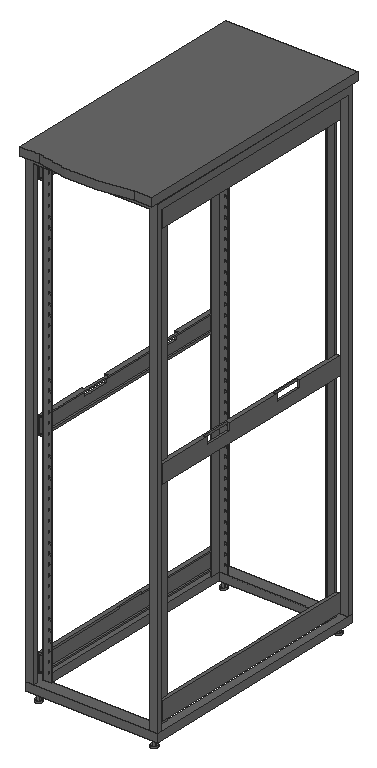
Revit family "V62A-48U-Without doors-08.04.14", category Electrical Equipment, Revit 2013
Parameters (values of type "V62A-42U")
  Weight = 0.00 lbf
  Visibility Door Right [instance] = and(Side Panel Right, not(Hide Doors))  # no
  Visibility Door Left [instance] = and(Side Panel Left, not(Hide Doors))  # no
  Visibility Door Front [instance] = and(Door Front, not(Hide Doors))  # no
  Visibility Door Back [instance] = and(Door Back, not(Hide Doors))  # no
  Version = ""
  Usable Depth = 1006.00 mm
  U/M = "EA"
  U Space = "42"
  System = "VPOD"
  Side Panel Right = no
  Side Panel Left = no
  Serial Number = ""
  Segment = "CSS"
  Ports = 0
  Mounting rail 45 U = SIEMON STEEL
  Mounting Rail Material = SIEMON STEEL
  Model = "V62A"
  Metal = SIEMON STEEL
  Manufacturer = "SIEMON"
  Lock = ""
  Loaded/Empty = "N/A"
  Item Group = "RACKS"
  Item Class = "1F"
  Hide Doors [instance] = no
  Door Front = no
  Door Construction Side = if(and(Side Panel Right, Side Panel Left), 2, if(and(not(Side Panel Right), not(Side Panel Left)), 0, 1))  # 0
  Door Construction Front = ""
  Door Construction Back = ""
  Door Back = no
  Description = "WARNING: PLEASE RELOAD FAMILY USING THE TYPE CATALOG"
  Color = "BLACK"
  Cabinet Width Overall = 600.00 mm
  Cabinet Height = 2016.00 mm
  Cabinet Depth = 1200.00 mm
Types (2, lengths in mm): name | Visibility Door Right | Visibility Door Left | Visibility Door Front | Visibility Door Back | Usable Depth | U Space | Side Panel Right | Side Panel Left | Serial Number | Mounting rail 45 U | Mounting Rail Material | Model | Metal | Lock | Door Front | Door Construction Side | Door Construction Front | Door Construction Back | Door Back | Description | Cabinet Width Overall | Cabinet Height | Cabinet Depth
  V62A-42U | no | no | no | no | 1006.00 | "42" | no | no | "" | SIEMON STEEL | SIEMON STEEL | "V62A" | SIEMON STEEL | "" | no | 0 | "" | "" | no | "WARNING: PLEASE RELOAD FAMILY USING THE TYPE CATALOG" | 600.00 | 2016.00 | 1200.00
  V1-2AB211 | yes | yes | yes | yes | 0.00 | "45" | yes | yes | "V1-2AB211" | Metal-Siemon-Annodized-Aluminum | Metal-Siemon-Annodized-Aluminum | "VERSPOD" | Metal-Siemon-Frame_Metal | "COMBINATION" | yes | 2 | "FULL VENTED" | "SPLIT VENTED" | yes | "VPOD,600x1000,S-PNL(2),F-DR FL VNT,R-DR SP VNT,TUM,T-PNL BLANK,BLK" | 605.00 | 2140.00 | 1090.00
Reference planes
  plane 1 "Center (Front/Back)": y = 0
  plane 2: z = 0
  plane 3 "Center (Left/Right)": x = 0
  plane 4: z = 2011.4
  plane 5: z = 1966.95
  plane 6: z = 1922.5
  plane 7: z = 1878.05
  plane 8: z = 1833.6
  plane 9: z = 1789.15
  plane 10: z = 1744.7
  plane 11: z = 1700.25
  plane 12: z = 1655.8
  plane 13: z = 1611.35
  plane 14: z = 1566.9
  plane 15: z = 1522.45
  plane 16: z = 1478
  plane 17: z = 1433.55
  plane 18: z = 1389.1
  plane 19: z = 1344.65
  plane 20: z = 1300.2
  plane 21: z = 1255.75
  plane 22: z = 1211.3
  plane 23: z = 1166.85
  plane 24: z = 1122.4
  plane 25: z = 1077.95
  plane 26: z = 1033.5
  plane 27: z = 989.05
  plane 28: z = 944.6
  plane 29: z = 900.15
  plane 30: z = 855.7
  plane 31: z = 811.25
  plane 32: z = 766.8
  plane 33: z = 722.35
  plane 34: z = 677.9
  plane 35: z = 633.45
  plane 36: z = 589
  plane 37: z = 544.55
  plane 38: z = 500.1
  plane 39: z = 455.65
  plane 40: z = 411.2
  plane 41: z = 366.75
  plane 42: z = 322.3
  plane 43: z = 277.85
  plane 44: z = 233.4
  plane 45: z = 188.95
  plane 46: z = 144.5
  plane 47: z = 100.05
  plane 48: z = 2055.85
  plane 49: z = 2141.4
  plane 50: z = 2096.95
  plane 51: z = 2185.85
Forms (mm)
  Extrusion 1, solid, material "SIEMON STEEL" <- "Mounting rail 45 U"
    sketch origin (0, -15, 140) x (1, 0, 0) y (0, 1, 0)
      loop
        line (301.386, 1185.006) -> (-298.7, 1185.006) -> (-298.7, 75) -> (301.386, 75) -> (301.386, 1185.006)
    from 2067.5 to 2098.45
  Extrusion 2, solid, material "SIEMON STEEL" <- "Mounting rail 45 U"
    sketch origin (0.137, -90, 0) x (1, 0, 0) y (0, 1, 0)
      loop
        line (266.25, 170.06) -> (266.25, 150) -> (301.25, 150) -> (301.25, 170.06) -> (266.25, 170.06)
      loop
        line (-298.75, 170.06) -> (-298.75, 150) -> (-263.75, 150) -> (-263.75, 170.06) -> (-298.75, 170.06)
      loop
        line (301.25, 1239.94) -> (301.25, 1260) -> (266.25, 1260) -> (266.25, 1239.94) -> (301.25, 1239.94)
      loop
        line (-298.75, 1239.94) -> (-263.75, 1239.94) -> (-263.75, 1260) -> (-298.75, 1260) -> (-298.75, 1239.94)
    from 76.059 to 2207.5
  Extrusion 3, solid, material "SIEMON STEEL" <- "Mounting Rail Material"
    sketch origin (0.02, 0, 17.656) x (1, 0, 0) y (0, 1, 0)
      loop
        line (-298.72, 1170.014) -> (-298.72, 60) -> (301.366, 60) -> (301.366, 1170.014) -> (-298.72, 1170.014)
      loop
        line (-265, 1114.655) -> (-265, 116.7) -> (265, 116.7) -> (265, 1114.655) -> (-265, 1114.655)
    from 23.024 to 58.374
  Extrusion 4, solid, material "SIEMON STEEL", detail levels medium+fine
    sketch origin (-25.335, 747.951, 0) x (1, 0, 0) y (0, 1, 0)
      loop
        circle (289.695, 392.503) r 15
    from 0 to 5.027
  Extrusion 5, solid, material "SIEMON STEEL"
    sketch origin (114.531, 200, 5) x (1, 0, 0) y (0, 1, 0)
      loop
        circle (149.594, 940.281) r 6
    from 0.027 to 35.68
  Extrusion 6, solid, material "SIEMON STEEL", detail levels medium+fine
    sketch origin (554.046, 480.196, 0) x (-1, 0, 0) y (0, -1, 0)
      loop
        circle (289.695, 392.503) r 15
    from 0 to 5.027
  Extrusion 7, solid, material "SIEMON STEEL"
    sketch origin (413.75, 1028.147, 3.439) x (-1, 0, 0) y (0, -1, 0)
      loop
        circle (149.594, 940.281) r 6
    from 1.589 to 37.242
  Extrusion 8, solid, material "SIEMON STEEL", detail levels medium+fine
    sketch origin (28.022, 747.951, 0) x (-1, 0, 0) y (0, -1, 0)
      loop
        circle (289.695, -392.503) r 15
    from 0 to 5.027
  Extrusion 9, solid, material "SIEMON STEEL"
    sketch origin (-111.845, 200, 5) x (-1, 0, 0) y (0, -1, 0)
      loop
        circle (149.594, -940.281) r 6
    from 0.027 to 35.68
  Extrusion 10, solid, material "SIEMON STEEL", detail levels medium+fine
    sketch origin (-551.36, 480.196, 0) x (1, 0, 0) y (0, 1, 0)
      loop
        circle (289.695, -392.503) r 15
    from 0 to 5.027
  Extrusion 11, solid, material "SIEMON STEEL"
    sketch origin (-411.064, 1028.147, 3.439) x (1, 0, 0) y (0, 1, 0)
      loop
        circle (149.594, -940.281) r 6
    from 1.589 to 37.242
  Extrusion 12, solid, material "SIEMON STEEL"
    sketch origin (0, -0.108, 140) x (1, 0, 0) y (0, 1, 0)
      loop
        line (-298.7, 27.143) -> (-215.3, 27.143)
        arc (-215.3, 27.143) -> (1.343, -0.067) -> (217.986, 27.143) r 876.039
        line (217.986, 27.143) -> (301.386, 27.143) -> (301.386, 1200.156) -> (-298.7, 1200.156) -> (-298.7, 27.143)
    from 2102.5 to 2140
Cuts and joins
  joined: Extrusion 1, Extrusion 2
Lines and regions (mm)
  Masking region 1, detail levels medium+fine
    outline origin (0, 0, 0) x (1, 0, 0) y (0, 1, 0)
      loop
        line (300, 1000.156) -> (-300, 1000.156) -> (-300, 27.5) -> (-297.984, 27.5)
        arc (-297.984, 27.5) -> (0, 0.5) -> (297.984, 27.5) r 1657.82
        line (297.984, 27.5) -> (300, 27.5) -> (300, 1000.156)
  model lines, detail levels coarse+fine
    curve 1: line (231.288, 818.57, 2281.25) -> (-226.125, 818.57, 2281.25)
    curve 2: line (235.29, 814.567, 2281.25) -> (231.288, 818.57, 2281.25)
    curve 3: circle (-150.602, 805.152, 2281.25) r 6.221 normal (0, 0, 1)
    curve 4: circle (160.076, 805.152, 2281.25) r 6.221 normal (0, 0, 1)
    curve 5: line (231.288, 653.292, 2281.25) -> (-226.125, 653.292, 2281.25)
    curve 6: line (-226.125, 653.292, 2281.25) -> (-230.127, 657.295, 2281.25)
    curve 7: line (-230.127, 657.295, 2281.25) -> (-230.127, 814.567, 2281.25)
    curve 8: line (235.29, 814.567, 2281.25) -> (235.29, 657.295, 2281.25)
    curve 9: line (235.29, 657.295, 2281.25) -> (231.288, 653.292, 2281.25)
    curve 10: circle (-150.602, 666.71, 2281.25) r 6.221 normal (0, 0, -1)
    curve 11: circle (160.076, 666.71, 2281.25) r 6.221 normal (0, 0, -1)
    curve 12: line (-230.127, 814.567, 2281.25) -> (-226.125, 818.57, 2281.25)
    curve 13: line (231.288, 628.257, 2281.25) -> (-226.125, 628.257, 2281.25)
    curve 14: line (235.29, 624.254, 2281.25) -> (231.288, 628.257, 2281.25)
    curve 15: circle (-150.602, 614.839, 2281.25) r 6.221 normal (0, 0, 1)
    curve 16: circle (160.076, 614.839, 2281.25) r 6.221 normal (0, 0, 1)
    curve 17: line (231.288, 462.98, 2281.25) -> (-226.125, 462.98, 2281.25)
    curve 18: line (-226.125, 462.98, 2281.25) -> (-230.127, 466.982, 2281.25)
    curve 19: line (-230.127, 466.982, 2281.25) -> (-230.127, 624.254, 2281.25)
    curve 20: line (235.29, 624.254, 2281.25) -> (235.29, 466.982, 2281.25)
    curve 21: line (235.29, 466.982, 2281.25) -> (231.288, 462.98, 2281.25)
    curve 22: circle (-150.602, 476.398, 2281.25) r 6.221 normal (0, 0, -1)
    curve 23: circle (160.076, 476.398, 2281.25) r 6.221 normal (0, 0, -1)
    curve 24: line (-230.127, 624.254, 2281.25) -> (-226.125, 628.257, 2281.25)
    curve 25: line (231.288, 281.07, 2281.25) -> (-226.125, 281.07, 2281.25)
    curve 26: line (235.29, 277.067, 2281.25) -> (231.288, 281.07, 2281.25)
    curve 27: circle (-150.602, 267.652, 2281.25) r 6.221 normal (0, 0, 1)
    curve 28: circle (160.076, 267.652, 2281.25) r 6.221 normal (0, 0, 1)
    curve 29: line (231.288, 115.792, 2281.25) -> (-226.125, 115.792, 2281.25)
    curve 30: line (-226.125, 115.792, 2281.25) -> (-230.127, 119.795, 2281.25)
    curve 31: line (-230.127, 119.795, 2281.25) -> (-230.127, 277.067, 2281.25)
    curve 32: line (235.29, 277.067, 2281.25) -> (235.29, 119.795, 2281.25)
    curve 33: line (235.29, 119.795, 2281.25) -> (231.288, 115.792, 2281.25)
    curve 34: circle (-150.602, 129.21, 2281.25) r 6.221 normal (0, 0, -1)
    curve 35: circle (160.076, 129.21, 2281.25) r 6.221 normal (0, 0, -1)
    curve 36: line (-230.127, 277.067, 2281.25) -> (-226.125, 281.07, 2281.25)
    curve 37: line (231.288, 1076.222, 2281.25) -> (-226.125, 1076.222, 2281.25)
    curve 38: line (235.29, 1072.219, 2281.25) -> (231.288, 1076.222, 2281.25)
    curve 39: circle (-150.602, 1062.804, 2281.25) r 6.221 normal (0, 0, 1)
    curve 40: circle (160.076, 1062.804, 2281.25) r 6.221 normal (0, 0, 1)
    curve 41: line (231.288, 910.945, 2281.25) -> (-226.125, 910.945, 2281.25)
    curve 42: line (-226.125, 910.945, 2281.25) -> (-230.127, 914.947, 2281.25)
    curve 43: line (-230.127, 914.947, 2281.25) -> (-230.127, 1072.219, 2281.25)
    curve 44: line (235.29, 1072.219, 2281.25) -> (235.29, 914.947, 2281.25)
    curve 45: line (235.29, 914.947, 2281.25) -> (231.288, 910.945, 2281.25)
    curve 46: circle (-150.602, 924.363, 2281.25) r 6.221 normal (0, 0, -1)
    curve 47: circle (160.076, 924.363, 2281.25) r 6.221 normal (0, 0, -1)
    curve 48: line (-230.127, 1072.219, 2281.25) -> (-226.125, 1076.222, 2281.25)
  model lines
    curve 49: line (-218.947, 1110.919, 2281.25) -> (224.111, 1110.919, 2281.25)
    curve 50: line (-288.127, 1041.739, 2281.25) -> (-288.127, 497.462, 2281.25)
    curve 51: line (-219.266, 428.6, 2281.25) -> (224.429, 428.6, 2281.25)
    curve 52: line (290.233, 1044.798, 2281.25) -> (290.233, 494.404, 2281.25)
    curve 53: line (-218.947, 1110.919, 2281.25) -> (-288.127, 1041.739, 2281.25)
    curve 54: line (224.111, 1110.919, 2281.25) -> (290.233, 1044.798, 2281.25)
    curve 55: line (-219.266, 428.6, 2281.25) -> (-288.127, 497.462, 2281.25)
    curve 56: line (224.429, 428.6, 2281.25) -> (290.233, 494.404, 2281.25)
Dimensions and locks
  Extrusion 12 to Extrusion 6 = 2280.00 mm
Nested families
  nested 1: "VersaPOD-Frame" at (0.084, 486.862, -7.333), type "VersaPOD-Frame"
  nested 2: "VersaPOD-Frame" at (0.853, 486.862, -7.333) x (-1, 0, 0) z (0, 0, 1), type "VersaPOD-Frame"
  nested 3: "VersaPOD-Frame" at (0.853, 743.86, -7.333) x (-1, 0, 0) z (0, 0, 1), type "VersaPOD-Frame"
  nested 4: "VersaPOD-Frame" at (0.084, 743.841, -7.333), type "VersaPOD-Frame"
  nested 5: "CC" at (-177.79, 277.47, 1070.285) x (0, -1, 0) z (-1, 0, 0), type "CC"
  nested 6: "CC-new" at (-177.813, 952.635, 100.3) x (0, 1, 0) z (-1, 0, 0), type "CC-new"
  nested 7: "CC-new" at (-177.812, 952.44, 2116.902) x (0, 1, 0) z (-1, 0, 0), type "CC-new"
  nested 8: "CC-new" at (179.032, 952.44, 2116.902) x (0, 1, 0) z (1, 0, 0), type "CC-new"
  nested 9: "CC-new" at (179.27, 952.635, 100.3) x (0, 1, 0) z (1, 0, 0), type "CC-new"
  nested 10: "CC" at (179.163, 277.47, 1070.285) x (0, -1, 0) z (1, 0, 0), type "CC"
Definition of nested family "VersaPOD-Frame"
  Parameters (values of type "VersaPOD-Frame")
    Material = SIEMON STEEL
    Assembly Code = ""
  Reference planes
    plane 1 "Center (Front/Back)": y = 0
    plane 2: z = 0
    plane 3 "Center (Left/Right)": x = 0
  Forms (mm)
    Extrusion 1, solid, material "SIEMON STEEL(1)"
      sketch origin (168.748, 374.529, 83.392) x (-1, 0, 0) y (0, 0, 1)
        loop
          line (-97.502, 2131.444) -> (-97.502, 0) -> (-54.5, 0) -> (-54.5, 2131.444) -> (-97.502, 2131.444)
        loop
          line (-66.648, 1862.447) -> (-66.648, 1852.947) -> (-57.148, 1852.947) -> (-57.148, 1862.447) -> (-66.648, 1862.447)
        loop
          line (-66.648, 1773.647) -> (-66.648, 1764.147) -> (-57.148, 1764.147) -> (-57.148, 1773.647) -> (-66.648, 1773.647)
        loop
          line (-66.648, 1808.547) -> (-57.148, 1808.547) -> (-57.148, 1818.047) -> (-66.648, 1818.047) -> (-66.648, 1808.547)
        loop
          line (-66.648, 1596.047) -> (-66.648, 1586.547) -> (-57.148, 1586.547) -> (-57.148, 1596.047) -> (-66.648, 1596.047)
        loop
          line (-66.648, 1630.947) -> (-57.148, 1630.947) -> (-57.148, 1640.447) -> (-66.648, 1640.447) -> (-66.648, 1630.947)
        loop
          line (-66.648, 1719.747) -> (-57.148, 1719.747) -> (-57.148, 1729.247) -> (-66.648, 1729.247) -> (-66.648, 1719.747)
        loop
          line (-66.648, 1684.847) -> (-66.648, 1675.347) -> (-57.148, 1675.347) -> (-57.148, 1684.847) -> (-66.648, 1684.847)
        loop
          line (-66.648, 1240.847) -> (-66.648, 1231.347) -> (-57.148, 1231.347) -> (-57.148, 1240.847) -> (-66.648, 1240.847)
        loop
          line (-66.648, 1275.747) -> (-57.148, 1275.747) -> (-57.148, 1285.247) -> (-66.648, 1285.247) -> (-66.648, 1275.747)
        loop
          line (-66.648, 1364.547) -> (-57.148, 1364.547) -> (-57.148, 1374.047) -> (-66.648, 1374.047) -> (-66.648, 1364.547)
        loop
          line (-66.648, 1329.647) -> (-66.648, 1320.147) -> (-57.148, 1320.147) -> (-57.148, 1329.647) -> (-66.648, 1329.647)
        loop
          line (-66.648, 1542.147) -> (-57.148, 1542.147) -> (-57.148, 1551.647) -> (-66.648, 1551.647) -> (-66.648, 1542.147)
        loop
          line (-66.648, 1507.247) -> (-66.648, 1497.747) -> (-57.148, 1497.747) -> (-57.148, 1507.247) -> (-66.648, 1507.247)
        loop
          line (-66.648, 1418.447) -> (-66.648, 1408.947) -> (-57.148, 1408.947) -> (-57.148, 1418.447) -> (-66.648, 1418.447)
        loop
          line (-66.648, 1453.347) -> (-57.148, 1453.347) -> (-57.148, 1462.847) -> (-66.648, 1462.847) -> (-66.648, 1453.347)
        loop
          line (-66.648, 530.447) -> (-66.648, 520.947) -> (-57.148, 520.947) -> (-57.148, 530.447) -> (-66.648, 530.447)
        loop
          line (-66.648, 565.347) -> (-57.148, 565.347) -> (-57.148, 574.847) -> (-66.648, 574.847) -> (-66.648, 565.347)
        loop
          line (-66.648, 654.147) -> (-57.148, 654.147) -> (-57.148, 663.647) -> (-66.648, 663.647) -> (-66.648, 654.147)
        loop
          line (-66.648, 619.247) -> (-66.648, 609.747) -> (-57.148, 609.747) -> (-57.148, 619.247) -> (-66.648, 619.247)
        loop
          line (-66.648, 831.747) -> (-57.148, 831.747) -> (-57.148, 841.247) -> (-66.648, 841.247) -> (-66.648, 831.747)
        loop
          line (-66.648, 796.847) -> (-66.648, 787.347) -> (-57.148, 787.347) -> (-57.148, 796.847) -> (-66.648, 796.847)
        loop
          line (-66.648, 708.047) -> (-66.648, 698.547) -> (-57.148, 698.547) -> (-57.148, 708.047) -> (-66.648, 708.047)
        loop
          line (-66.648, 742.947) -> (-57.148, 742.947) -> (-57.148, 752.447) -> (-66.648, 752.447) -> (-66.648, 742.947)
        loop
          line (-66.648, 1186.947) -> (-57.148, 1186.947) -> (-57.148, 1196.447) -> (-66.648, 1196.447) -> (-66.648, 1186.947)
        loop
          line (-66.648, 1152.047) -> (-66.648, 1142.547) -> (-57.148, 1142.547) -> (-57.148, 1152.047) -> (-66.648, 1152.047)
        loop
          line (-66.648, 1063.247) -> (-66.648, 1053.747) -> (-57.148, 1053.747) -> (-57.148, 1063.247) -> (-66.648, 1063.247)
        loop
          line (-66.648, 1098.147) -> (-57.148, 1098.147) -> (-57.148, 1107.647) -> (-66.648, 1107.647) -> (-66.648, 1098.147)
        loop
          line (-66.648, 885.647) -> (-66.648, 876.147) -> (-57.148, 876.147) -> (-57.148, 885.647) -> (-66.648, 885.647)
        loop
          line (-66.648, 920.547) -> (-57.148, 920.547) -> (-57.148, 930.047) -> (-66.648, 930.047) -> (-66.648, 920.547)
        loop
          line (-66.648, 1009.347) -> (-57.148, 1009.347) -> (-57.148, 1018.847) -> (-66.648, 1018.847) -> (-66.648, 1009.347)
        loop
          line (-66.648, 974.447) -> (-66.648, 964.947) -> (-57.148, 964.947) -> (-57.148, 974.447) -> (-66.648, 974.447)
        loop
          line (-66.648, 476.547) -> (-57.148, 476.547) -> (-57.148, 486.047) -> (-66.648, 486.047) -> (-66.648, 476.547)
        loop
          line (-66.648, 441.647) -> (-66.648, 432.147) -> (-57.148, 432.147) -> (-57.148, 441.647) -> (-66.648, 441.647)
        loop
          line (-66.648, 352.847) -> (-66.648, 343.347) -> (-57.148, 343.347) -> (-57.148, 352.847) -> (-66.648, 352.847)
        loop
          line (-66.648, 387.747) -> (-57.148, 387.747) -> (-57.148, 397.247) -> (-66.648, 397.247) -> (-66.648, 387.747)
        loop
          line (-66.648, 175.247) -> (-66.648, 165.747) -> (-57.148, 165.747) -> (-57.148, 175.247) -> (-66.648, 175.247)
        loop
          line (-66.648, 210.147) -> (-57.148, 210.147) -> (-57.148, 219.647) -> (-66.648, 219.647) -> (-66.648, 210.147)
        loop
          line (-66.648, 298.947) -> (-57.148, 298.947) -> (-57.148, 308.447) -> (-66.648, 308.447) -> (-66.648, 298.947)
        loop
          line (-66.648, 264.047) -> (-66.648, 254.547) -> (-57.148, 254.547) -> (-57.148, 264.047) -> (-66.648, 264.047)
        loop
          line (-66.648, 121.347) -> (-57.148, 121.347) -> (-57.148, 130.847) -> (-66.648, 130.847) -> (-66.648, 121.347)
        loop
          line (-66.648, 86.447) -> (-66.648, 76.947) -> (-57.148, 76.947) -> (-57.148, 86.447) -> (-66.648, 86.447)
        loop
          line (-66.648, 32.547) -> (-57.148, 32.547) -> (-57.148, 42.047) -> (-66.648, 42.047) -> (-66.648, 32.547)
        loop
          line (-66.648, 2128.697) -> (-66.648, 2119.197) -> (-57.148, 2119.197) -> (-57.148, 2128.697) -> (-66.648, 2128.697)
        loop
          line (-66.648, 2039.897) -> (-66.648, 2030.397) -> (-57.148, 2030.397) -> (-57.148, 2039.897) -> (-66.648, 2039.897)
        loop
          line (-66.648, 2074.797) -> (-57.148, 2074.797) -> (-57.148, 2084.297) -> (-66.648, 2084.297) -> (-66.648, 2074.797)
        loop
          line (-66.648, 1897.197) -> (-57.148, 1897.197) -> (-57.148, 1906.697) -> (-66.648, 1906.697) -> (-66.648, 1897.197)
        loop
          line (-66.648, 1985.997) -> (-57.148, 1985.997) -> (-57.148, 1995.497) -> (-66.648, 1995.497) -> (-66.648, 1985.997)
        loop
          line (-66.648, 1951.097) -> (-66.648, 1941.597) -> (-57.148, 1941.597) -> (-57.148, 1951.097) -> (-66.648, 1951.097)
      from -2 to 0
    Extrusion 2, solid, material "SIEMON STEEL(1)"
      sketch origin (264.25, 275.026, -49.57) x (0, -1, 0) y (0, 0, 1)
        loop
          line (-97.502, 2264.406) -> (-97.502, 132.961) -> (-54.5, 132.961) -> (-54.5, 2264.406) -> (-97.502, 2264.406)
      from -2 to 0
  Lines and regions (mm)
    model lines
      curve 1: line (266.251, 332.174, 1769.144) -> (266.251, 341.674, 1769.144)
      curve 2: line (266.251, 332.174, 1759.644) -> (266.251, 332.174, 1769.144)
      curve 3: line (266.251, 341.674, 1759.644) -> (266.251, 332.174, 1759.644)
      curve 4: line (266.251, 341.674, 1769.144) -> (266.251, 341.674, 1759.644)
      curve 5: line (266.251, 332.174, 1724.863) -> (266.251, 341.674, 1724.863)
      curve 6: line (266.251, 332.174, 1715.363) -> (266.251, 332.174, 1724.863)
      curve 7: line (266.251, 341.674, 1715.363) -> (266.251, 332.174, 1715.363)
      curve 8: line (266.251, 341.674, 1724.863) -> (266.251, 341.674, 1715.363)
      curve 9: line (266.251, 332.174, 1680.463) -> (266.251, 341.674, 1680.463)
      curve 10: line (266.251, 332.174, 1670.963) -> (266.251, 332.174, 1680.463)
      curve 11: line (266.251, 341.674, 1670.963) -> (266.251, 332.174, 1670.963)
      curve 12: line (266.251, 341.674, 1680.463) -> (266.251, 341.674, 1670.963)
      curve 13: line (266.251, 332.174, 1458.702) -> (266.251, 341.674, 1458.702)
      curve 14: line (266.251, 332.174, 1449.202) -> (266.251, 332.174, 1458.702)
      curve 15: line (266.251, 341.674, 1449.202) -> (266.251, 332.174, 1449.202)
      curve 16: line (266.251, 341.674, 1458.702) -> (266.251, 341.674, 1449.202)
      curve 17: line (266.251, 332.174, 1414.422) -> (266.251, 341.674, 1414.422)
      curve 18: line (266.251, 332.174, 1404.922) -> (266.251, 332.174, 1414.422)
      curve 19: line (266.251, 341.674, 1404.922) -> (266.251, 332.174, 1404.922)
      curve 20: line (266.251, 341.674, 1414.422) -> (266.251, 341.674, 1404.922)
      curve 21: line (266.251, 332.174, 1370.022) -> (266.251, 341.674, 1370.022)
      curve 22: line (266.251, 332.174, 1360.522) -> (266.251, 332.174, 1370.022)
      curve 23: line (266.251, 341.674, 1360.522) -> (266.251, 332.174, 1360.522)
      curve 24: line (266.251, 341.674, 1370.022) -> (266.251, 341.674, 1360.522)
      curve 25: line (266.251, 332.174, 1148.38) -> (266.251, 341.674, 1148.38)
      curve 26: line (266.251, 332.174, 1138.88) -> (266.251, 332.174, 1148.38)
      curve 27: line (266.251, 341.674, 1138.88) -> (266.251, 332.174, 1138.88)
      curve 28: line (266.251, 341.674, 1148.38) -> (266.251, 341.674, 1138.88)
      curve 29: line (266.251, 332.174, 1104.099) -> (266.251, 341.674, 1104.099)
      curve 30: line (266.251, 332.174, 1094.599) -> (266.251, 332.174, 1104.099)
      curve 31: line (266.251, 341.674, 1094.599) -> (266.251, 332.174, 1094.599)
      curve 32: line (266.251, 341.674, 1104.099) -> (266.251, 341.674, 1094.599)
      curve 33: line (266.251, 332.174, 1059.699) -> (266.251, 341.674, 1059.699)
      curve 34: line (266.251, 332.174, 1050.199) -> (266.251, 332.174, 1059.699)
      curve 35: line (266.251, 341.674, 1050.199) -> (266.251, 332.174, 1050.199)
      curve 36: line (266.251, 341.674, 1059.699) -> (266.251, 341.674, 1050.199)
      curve 37: line (266.251, 332.174, 837.943) -> (266.251, 341.674, 837.943)
      curve 38: line (266.251, 332.174, 828.443) -> (266.251, 332.174, 837.943)
      curve 39: line (266.251, 341.674, 828.443) -> (266.251, 332.174, 828.443)
      curve 40: line (266.251, 341.674, 837.943) -> (266.251, 341.674, 828.443)
      curve 41: line (266.251, 332.174, 793.662) -> (266.251, 341.674, 793.662)
      curve 42: line (266.251, 332.174, 784.162) -> (266.251, 332.174, 793.662)
      curve 43: line (266.251, 341.674, 784.162) -> (266.251, 332.174, 784.162)
      curve 44: line (266.251, 341.674, 793.662) -> (266.251, 341.674, 784.162)
      curve 45: line (266.251, 332.174, 749.262) -> (266.251, 341.674, 749.262)
      curve 46: line (266.251, 332.174, 739.762) -> (266.251, 332.174, 749.262)
      curve 47: line (266.251, 341.674, 739.762) -> (266.251, 332.174, 739.762)
      curve 48: line (266.251, 341.674, 749.262) -> (266.251, 341.674, 739.762)
      curve 49: line (266.251, 332.174, 527.621) -> (266.251, 341.674, 527.621)
      curve 50: line (266.251, 332.174, 518.121) -> (266.251, 332.174, 527.621)
      curve 51: line (266.251, 341.674, 518.121) -> (266.251, 332.174, 518.121)
      curve 52: line (266.251, 341.674, 527.621) -> (266.251, 341.674, 518.121)
      curve 53: line (266.251, 332.174, 483.34) -> (266.251, 341.674, 483.34)
      curve 54: line (266.251, 332.174, 473.84) -> (266.251, 332.174, 483.34)
      curve 55: line (266.251, 341.674, 473.84) -> (266.251, 332.174, 473.84)
      curve 56: line (266.251, 341.674, 483.34) -> (266.251, 341.674, 473.84)
      curve 57: line (266.251, 332.174, 438.94) -> (266.251, 341.674, 438.94)
      curve 58: line (266.251, 332.174, 429.44) -> (266.251, 332.174, 438.94)
      curve 59: line (266.251, 341.674, 429.44) -> (266.251, 332.174, 429.44)
      curve 60: line (266.251, 341.674, 438.94) -> (266.251, 341.674, 429.44)
      curve 61: line (266.251, 332.174, 217.179) -> (266.251, 341.674, 217.179)
      curve 62: line (266.251, 332.174, 207.679) -> (266.251, 332.174, 217.179)
      curve 63: line (266.251, 341.674, 207.679) -> (266.251, 332.174, 207.679)
      curve 64: line (266.251, 341.674, 217.179) -> (266.251, 341.674, 207.679)
      curve 65: line (266.251, 332.174, 172.898) -> (266.251, 341.674, 172.898)
      curve 66: line (266.251, 332.174, 163.398) -> (266.251, 332.174, 172.898)
      curve 67: line (266.251, 341.674, 163.398) -> (266.251, 332.174, 163.398)
      curve 68: line (266.251, 341.674, 172.898) -> (266.251, 341.674, 163.398)
      curve 69: line (266.251, 332.174, 128.498) -> (266.251, 341.674, 128.498)
      curve 70: line (266.251, 332.174, 118.998) -> (266.251, 332.174, 128.498)
      curve 71: line (266.251, 341.674, 118.998) -> (266.251, 332.174, 118.998)
      curve 72: line (266.251, 341.674, 128.498) -> (266.251, 341.674, 118.998)
      curve 73: line (266.251, 332.174, 1946.505) -> (266.251, 341.674, 1946.505)
      curve 74: line (266.251, 332.174, 1937.005) -> (266.251, 332.174, 1946.505)
      curve 75: line (266.251, 341.674, 1937.005) -> (266.251, 332.174, 1937.005)
      curve 76: line (266.251, 341.674, 1946.505) -> (266.251, 341.674, 1937.005)
      curve 77: line (266.251, 332.174, 1902.105) -> (266.251, 341.674, 1902.105)
      curve 78: line (266.251, 332.174, 1892.605) -> (266.251, 332.174, 1902.105)
      curve 79: line (266.251, 341.674, 1892.605) -> (266.251, 332.174, 1892.605)
      curve 80: line (266.251, 341.674, 1902.105) -> (266.251, 341.674, 1892.605)
      curve 81: line (266.251, 332.174, 1857.825) -> (266.251, 341.674, 1857.825)
      curve 82: line (266.251, 332.174, 1848.325) -> (266.251, 332.174, 1857.825)
      curve 83: line (266.251, 341.674, 1848.325) -> (266.251, 332.174, 1848.325)
      curve 84: line (266.251, 341.674, 1857.825) -> (266.251, 341.674, 1848.325)
      curve 85: line (266.251, 332.174, 1813.425) -> (266.251, 341.674, 1813.425)
      curve 86: line (266.251, 332.174, 1803.925) -> (266.251, 332.174, 1813.425)
      curve 87: line (266.251, 341.674, 1803.925) -> (266.251, 332.174, 1803.925)
      curve 88: line (266.251, 341.674, 1813.425) -> (266.251, 341.674, 1803.925)
      curve 89: line (266.251, 332.174, 1636.183) -> (266.251, 341.674, 1636.183)
      curve 90: line (266.251, 332.174, 1626.683) -> (266.251, 332.174, 1636.183)
      curve 91: line (266.251, 341.674, 1626.683) -> (266.251, 332.174, 1626.683)
      curve 92: line (266.251, 341.674, 1636.183) -> (266.251, 341.674, 1626.683)
      curve 93: line (266.251, 332.174, 1591.783) -> (266.251, 341.674, 1591.783)
      curve 94: line (266.251, 332.174, 1582.283) -> (266.251, 332.174, 1591.783)
      curve 95: line (266.251, 341.674, 1582.283) -> (266.251, 332.174, 1582.283)
      curve 96: line (266.251, 341.674, 1591.783) -> (266.251, 341.674, 1582.283)
      curve 97: line (266.251, 332.174, 1547.502) -> (266.251, 341.674, 1547.502)
      curve 98: line (266.251, 332.174, 1538.002) -> (266.251, 332.174, 1547.502)
      curve 99: line (266.251, 341.674, 1538.002) -> (266.251, 332.174, 1538.002)
      curve 100: line (266.251, 341.674, 1547.502) -> (266.251, 341.674, 1538.002)
      curve 101: line (266.251, 332.174, 1503.102) -> (266.251, 341.674, 1503.102)
      curve 102: line (266.251, 332.174, 1493.602) -> (266.251, 332.174, 1503.102)
      curve 103: line (266.251, 341.674, 1493.602) -> (266.251, 332.174, 1493.602)
      curve 104: line (266.251, 341.674, 1503.102) -> (266.251, 341.674, 1493.602)
      curve 105: line (266.251, 332.174, 1325.741) -> (266.251, 341.674, 1325.741)
      curve 106: line (266.251, 332.174, 1316.241) -> (266.251, 332.174, 1325.741)
      curve 107: line (266.251, 341.674, 1316.241) -> (266.251, 332.174, 1316.241)
      curve 108: line (266.251, 341.674, 1325.741) -> (266.251, 341.674, 1316.241)
      curve 109: line (266.251, 332.174, 1281.341) -> (266.251, 341.674, 1281.341)
      curve 110: line (266.251, 332.174, 1271.841) -> (266.251, 332.174, 1281.341)
      curve 111: line (266.251, 341.674, 1271.841) -> (266.251, 332.174, 1271.841)
      curve 112: line (266.251, 341.674, 1281.341) -> (266.251, 341.674, 1271.841)
      curve 113: line (266.251, 332.174, 1237.06) -> (266.251, 341.674, 1237.06)
      curve 114: line (266.251, 332.174, 1227.56) -> (266.251, 332.174, 1237.06)
      curve 115: line (266.251, 341.674, 1227.56) -> (266.251, 332.174, 1227.56)
      curve 116: line (266.251, 341.674, 1237.06) -> (266.251, 341.674, 1227.56)
      curve 117: line (266.251, 332.174, 1192.66) -> (266.251, 341.674, 1192.66)
      curve 118: line (266.251, 332.174, 1183.16) -> (266.251, 332.174, 1192.66)
      curve 119: line (266.251, 341.674, 1183.16) -> (266.251, 332.174, 1183.16)
      curve 120: line (266.251, 341.674, 1192.66) -> (266.251, 341.674, 1183.16)
      curve 121: line (266.251, 332.174, 1015.418) -> (266.251, 341.674, 1015.418)
      curve 122: line (266.251, 332.174, 1005.918) -> (266.251, 332.174, 1015.418)
      curve 123: line (266.251, 341.674, 1005.918) -> (266.251, 332.174, 1005.918)
      curve 124: line (266.251, 341.674, 1015.418) -> (266.251, 341.674, 1005.918)
      curve 125: line (266.251, 332.174, 971.018) -> (266.251, 341.674, 971.018)
      curve 126: line (266.251, 332.174, 961.518) -> (266.251, 332.174, 971.018)
      curve 127: line (266.251, 341.674, 961.518) -> (266.251, 332.174, 961.518)
      curve 128: line (266.251, 341.674, 971.018) -> (266.251, 341.674, 961.518)
      curve 129: line (266.251, 332.174, 926.738) -> (266.251, 341.674, 926.738)
      curve 130: line (266.251, 332.174, 917.238) -> (266.251, 332.174, 926.738)
      curve 131: line (266.251, 341.674, 917.238) -> (266.251, 332.174, 917.238)
      curve 132: line (266.251, 341.674, 926.738) -> (266.251, 341.674, 917.238)
      curve 133: line (266.251, 332.174, 882.338) -> (266.251, 341.674, 882.338)
      curve 134: line (266.251, 332.174, 872.838) -> (266.251, 332.174, 882.338)
      curve 135: line (266.251, 341.674, 872.838) -> (266.251, 332.174, 872.838)
      curve 136: line (266.251, 341.674, 882.338) -> (266.251, 341.674, 872.838)
      curve 137: line (266.251, 332.174, 704.982) -> (266.251, 341.674, 704.982)
      curve 138: line (266.251, 332.174, 695.482) -> (266.251, 332.174, 704.982)
      curve 139: line (266.251, 341.674, 695.482) -> (266.251, 332.174, 695.482)
      curve 140: line (266.251, 341.674, 704.982) -> (266.251, 341.674, 695.482)
      curve 141: line (266.251, 332.174, 660.582) -> (266.251, 341.674, 660.582)
      curve 142: line (266.251, 332.174, 651.082) -> (266.251, 332.174, 660.582)
      curve 143: line (266.251, 341.674, 651.082) -> (266.251, 332.174, 651.082)
      curve 144: line (266.251, 341.674, 660.582) -> (266.251, 341.674, 651.082)
      curve 145: line (266.251, 332.174, 616.301) -> (266.251, 341.674, 616.301)
      curve 146: line (266.251, 332.174, 606.801) -> (266.251, 332.174, 616.301)
      curve 147: line (266.251, 341.674, 606.801) -> (266.251, 332.174, 606.801)
      curve 148: line (266.251, 341.674, 616.301) -> (266.251, 341.674, 606.801)
      curve 149: line (266.251, 332.174, 571.901) -> (266.251, 341.674, 571.901)
      curve 150: line (266.251, 332.174, 562.401) -> (266.251, 332.174, 571.901)
      curve 151: line (266.251, 341.674, 562.401) -> (266.251, 332.174, 562.401)
      curve 152: line (266.251, 341.674, 571.901) -> (266.251, 341.674, 562.401)
      curve 153: line (266.251, 332.174, 394.659) -> (266.251, 341.674, 394.659)
      curve 154: line (266.251, 332.174, 385.159) -> (266.251, 332.174, 394.659)
      curve 155: line (266.251, 341.674, 385.159) -> (266.251, 332.174, 385.159)
      curve 156: line (266.251, 341.674, 394.659) -> (266.251, 341.674, 385.159)
      curve 157: line (266.251, 332.174, 350.259) -> (266.251, 341.674, 350.259)
      curve 158: line (266.251, 332.174, 340.759) -> (266.251, 332.174, 350.259)
      curve 159: line (266.251, 341.674, 340.759) -> (266.251, 332.174, 340.759)
      curve 160: line (266.251, 341.674, 350.259) -> (266.251, 341.674, 340.759)
      curve 161: line (266.251, 332.174, 305.979) -> (266.251, 341.674, 305.979)
      curve 162: line (266.251, 332.174, 296.479) -> (266.251, 332.174, 305.979)
      curve 163: line (266.251, 341.674, 296.479) -> (266.251, 332.174, 296.479)
      curve 164: line (266.251, 341.674, 305.979) -> (266.251, 341.674, 296.479)
      curve 165: line (266.251, 332.174, 261.579) -> (266.251, 341.674, 261.579)
      curve 166: line (266.251, 332.174, 252.079) -> (266.251, 332.174, 261.579)
      curve 167: line (266.251, 341.674, 252.079) -> (266.251, 332.174, 252.079)
      curve 168: line (266.251, 341.674, 261.579) -> (266.251, 341.674, 252.079)
      curve 169: line (266.251, 332.174, 2035.236) -> (266.251, 341.674, 2035.236)
      curve 170: line (266.251, 332.174, 2025.736) -> (266.251, 332.174, 2035.236)
      curve 171: line (266.251, 341.674, 2025.736) -> (266.251, 332.174, 2025.736)
      curve 172: line (266.251, 341.674, 2035.236) -> (266.251, 341.674, 2025.736)
      curve 173: line (266.251, 332.174, 1990.955) -> (266.251, 341.674, 1990.955)
      curve 174: line (266.251, 332.174, 1981.455) -> (266.251, 332.174, 1990.955)
      curve 175: line (266.251, 341.674, 1981.455) -> (266.251, 332.174, 1981.455)
      curve 176: line (266.251, 341.674, 1990.955) -> (266.251, 341.674, 1981.455)
      curve 177: line (266.251, 332.174, 2212.597) -> (266.251, 341.674, 2212.597)
      curve 178: line (266.251, 332.174, 2203.097) -> (266.251, 332.174, 2212.597)
      curve 179: line (266.251, 341.674, 2203.097) -> (266.251, 332.174, 2203.097)
      curve 180: line (266.251, 341.674, 2212.597) -> (266.251, 341.674, 2203.097)
      curve 181: line (266.251, 332.174, 2168.197) -> (266.251, 341.674, 2168.197)
      curve 182: line (266.251, 332.174, 2158.697) -> (266.251, 332.174, 2168.197)
      curve 183: line (266.251, 341.674, 2158.697) -> (266.251, 332.174, 2158.697)
      curve 184: line (266.251, 341.674, 2168.197) -> (266.251, 341.674, 2158.697)
      curve 185: line (266.251, 332.174, 2123.917) -> (266.251, 341.674, 2123.917)
      curve 186: line (266.251, 332.174, 2114.417) -> (266.251, 332.174, 2123.917)
      curve 187: line (266.251, 341.674, 2114.417) -> (266.251, 332.174, 2114.417)
      curve 188: line (266.251, 341.674, 2123.917) -> (266.251, 341.674, 2114.417)
      curve 189: line (266.251, 332.174, 2079.517) -> (266.251, 341.674, 2079.517)
      curve 190: line (266.251, 332.174, 2070.017) -> (266.251, 332.174, 2079.517)
      curve 191: line (266.251, 341.674, 2070.017) -> (266.251, 332.174, 2070.017)
      curve 192: line (266.251, 341.674, 2079.517) -> (266.251, 341.674, 2070.017)
Definition of nested family "CC"
  Parameters (values of type "CC")
    Default Elevation = 1219.20 mm
  Reference planes
    plane 1 "Center (Front/Back)": y = 0
    plane 2: z = 0
    plane 3 "Center (Left/Right)": x = 0
  Forms (mm)
    Extrusion 1, solid
      sketch origin (0, 0, 0) x (1, 0, 0) y (0, 1, 0)
        loop
          line (-1219.2, 1219.2) -> (-1219.2, -1219.2) -> (1219.2, -1219.2) -> (1219.2, 1219.2) -> (-1219.2, 1219.2)
      from 0 to -304.8
    Extrusion 2, solid, material "SIEMON STEEL"
      sketch origin (-341.312, 0, 0) x (0, 1, 0) y (0, 0, 1)
        loop
          line (-1.769, 105.31) -> (-1.769, 87.225) -> (4.384, 87.225) -> (4.384, 98.86) -> (74.488, 98.86) -> (74.488, 87.225) -> (80.838, 87.225) -> (80.838, 105.31) -> (-1.769, 105.31)
      from -499.089 to 506.757
    Extrusion 3, void
      sketch origin (95, 0, 0) x (1, 0, 0) y (0, 1, 0)
        loop
          line (-177.308, 49.088) -> (-177.308, 80.838) -> (-308.689, 80.838) -> (-308.689, 49.088) -> (-177.308, 49.088)
        loop
          line (-577.136, 49.088) -> (-577.136, 80.838) -> (-708.869, 80.838) -> (-708.869, 49.088) -> (-577.136, 49.088)
      from 94.663 to 105.31
  Cuts and joins
    Extrusion 3 cuts Extrusion 2
  Dimensions and locks
    aligned and locked: plane 2 to Extrusion 1
    aligned and locked: level to Extrusion 1
Definition of nested family "CC-new"
  Parameters (values of type "CC-new")
    Default Elevation = 1219.20 mm
  Reference planes
    plane 1 "Center (Front/Back)": y = 0
    plane 2: z = 0
    plane 3 "Center (Left/Right)": x = 0
  Forms (mm)
    Extrusion 1, solid
      sketch origin (0, 0, 0) x (1, 0, 0) y (0, 1, 0)
        loop
          line (-1219.2, 1219.2) -> (-1219.2, -1219.2) -> (1219.2, -1219.2) -> (1219.2, 1219.2) -> (-1219.2, 1219.2)
      from 0 to -304.8
    Extrusion 2, solid, material "SIEMON STEEL"
      sketch origin (-341.312, 0, 0) x (0, 1, 0) y (0, 0, 1)
        loop
          line (-1.769, 105.31) -> (-1.769, 87.225) -> (4.384, 87.225) -> (4.384, 98.86) -> (74.488, 98.86) -> (74.488, 87.225) -> (80.838, 87.225) -> (80.838, 105.31) -> (-1.769, 105.31)
      from -499.089 to 507.04
    Extrusion 3, void
      sketch origin (100, 63.75, 0) x (1, 0, 0) y (0, 1, 0)
        loop
          line (-371.933, 10.738) -> (-371.933, 17.084) -> (-503.314, 17.084) -> (-503.314, 10.738) -> (-371.933, 10.738)
      from 87.225 to 92.572
  Cuts and joins
    Extrusion 3 cuts Extrusion 2
  Dimensions and locks
    Extrusion 3 sketch curve to cut or joined group of Extrusion 2, Extrusion 3 = 437.66 mm
    cut or joined group of Extrusion 2, Extrusion 3 to Extrusion 3 sketch curve = 437.087 mm
    aligned and locked: plane 2 to Extrusion 1
    aligned and locked: level to Extrusion 1
